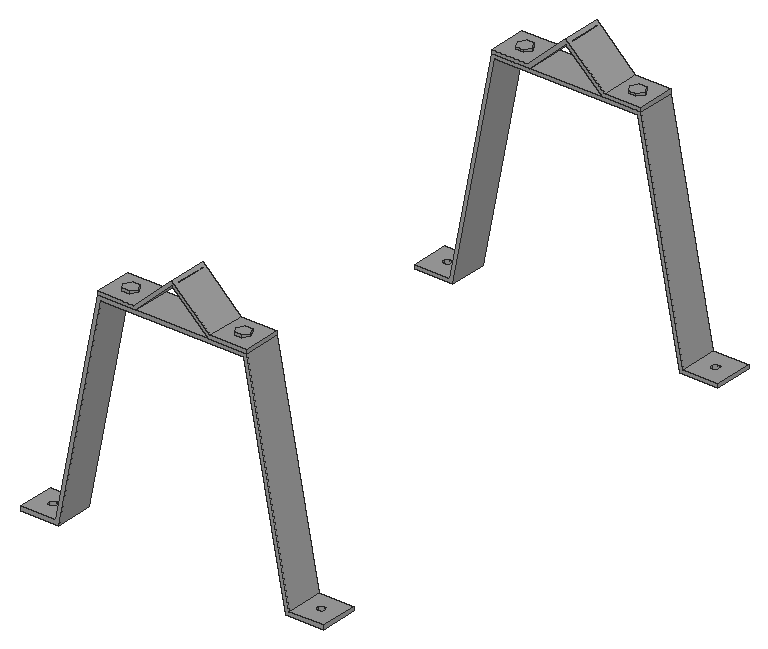
Revit family "Anclaje", category Equipos especializados, Revit 2017
Family settings
  Cota de conector redondo = Diámetro de uso
  Tipo de pieza = Normal
  Se basa en plano de trabajo = Sí
  Siempre vertical = Sí
  Corte con vacíos al cargar = No
  Compartido = Sí
  Punto de cálculo de habitación = No
Parameters
  URL = "https://at3w.com/"
  Referencia AT [instance] = "AT-023B"  # constant formula
  Peso (kg) [instance] = 6  # constant formula
  Modelo Anclaje [instance] = "Anclaje en U de 30 cm atornillado a la pared"  # constant formula
  Model = ""
  Material [instance] = Acero galvanizado
  Incluye [instance] = "2 soportes"  # constant formula
  Fabricante = "APLICACIONES TECNOLÓGICAS"  # constant formula
  Default Elevation = 1219.2 mm
  Dimensiones (mm) [instance] = "2 x (50 x 400 x 290)"  # constant formula
  Descripción = "Sistema de anclaje en U de 30 cm de longitud, fabricado en acero de 8 mm de espesor y galvanizado en caliente. Para fijación con tornillos en pared. (2 soportes) Ref. AT-023B"  # constant formula
  Código de montaje = "1.4"
Reference planes
  plane 1 "Centro (Frontal/Posterior)": y = 0
  plane 2: z = 0
  plane 3 "Centro (Izquierda/Derecha)": x = 0
  plane 4: x = -200
  plane 5: x = 200
  plane 6: z = 290
  plane 7: y = -50
  plane 8: y = -650
Forms (mm)
  Extrusion 1, solid, material "Acero galvanizado" <- "Material"
    sketch origin (0, 0, 0) x (1, 0, 0) y (0, 0, 1)
      loop
        line (-200, 0) -> (-149.482, 0) -> (-94.084, 285) -> (94.084, 285) -> (149.482, 0) -> (200, 0) -> (200, 5) -> (153.604, 5) -> (98.205, 290) -> (-98.205, 290) -> (-153.604, 5) -> (-200, 5) -> (-200, 0)
    from 0 to 50
  Extrusion 2, solid, material "Acero galvanizado" <- "Material"
    sketch origin (0, 0, 0) x (1, 0, 0) y (0, 0, 1)
      loop
        line (-98.205, 290) -> (-48.205, 290) -> (0, 335.314) -> (48.205, 290) -> (98.205, 290) -> (98.205, 295) -> (50.187, 295) -> (0, 342.176) -> (-50.187, 295) -> (-98.205, 295) -> (-98.205, 290)
    from 0 to 50
  Extrusion 3, void
    sketch origin (0, 0, 0) x (0, -1, 0) y (1, 0, 0)
      loop
        circle (25, -176.802) r 5
      loop
        circle (25, 176.802) r 5
    from -11.889 to 10.622
  Extrusion 4, solid, material "Acero galvanizado" <- "Material"
    sketch origin (0, 0, 184.223) x (0, -1, 0) y (1, 0, 0)
      loop
        line (25, 64.196) -> (33.66, 69.196) -> (33.66, 79.196) -> (25, 84.196) -> (16.34, 79.196) -> (16.34, 69.196) -> (25, 64.196)
      loop
        line (25, -64.196) -> (16.34, -69.196) -> (16.34, -79.196) -> (25, -84.196) -> (33.66, -79.196) -> (33.66, -69.196) -> (25, -64.196)
    from 113.8 to 110.777
  Extrusion 5, solid, material "Acero galvanizado" <- "Material"
    sketch origin (0, 0, 184.223) x (0, -1, 0) y (1, 0, 0)
      loop
        line (25, 64.196) -> (33.66, 69.196) -> (33.66, 79.196) -> (25, 84.196) -> (16.34, 79.196) -> (16.34, 69.196) -> (25, 64.196)
      loop
        circle (25, 74.196) r 5
      loop
        line (25, -84.196) -> (33.66, -79.196) -> (33.66, -69.196) -> (25, -64.196) -> (16.34, -69.196) -> (16.34, -79.196) -> (25, -84.196)
      loop
        circle (25, -74.196) r 5
    from 100.777 to 97.8
  Extrusion 6, solid, material "Acero galvanizado" <- "Material"
    sketch origin (0, 0, 184.223) x (0, -1, 0) y (1, 0, 0)
      loop
        circle (25, 74.196) r 5
      loop
        circle (25, -74.196) r 5
    from 100.777 to 90.8
  Extrusion 7, solid, material "Acero galvanizado" <- "Material"
    sketch origin (0, -650, 0) x (1, 0, 0) y (0, 0, 1)
      loop
        line (-200, 0) -> (-149.482, 0) -> (-94.084, 285) -> (94.084, 285) -> (149.482, 0) -> (200, 0) -> (200, 5) -> (153.604, 5) -> (98.205, 290) -> (-98.205, 290) -> (-153.604, 5) -> (-200, 5) -> (-200, 0)
    from 0 to 50
  Extrusion 8, solid, material "Acero galvanizado" <- "Material"
    sketch origin (0, -650, 0) x (1, 0, 0) y (0, 0, 1)
      loop
        line (-98.205, 290) -> (-48.205, 290) -> (0, 335.314) -> (48.205, 290) -> (98.205, 290) -> (98.205, 295) -> (50.187, 295) -> (0, 342.176) -> (-50.187, 295) -> (-98.205, 295) -> (-98.205, 290)
    from 0 to 50
  Extrusion 9, void
    sketch origin (0, -650, 0) x (0, -1, 0) y (1, 0, 0)
      loop
        circle (25, -176.802) r 5
      loop
        circle (25, 176.802) r 5
    from -11.889 to 10.622
  Extrusion 10, solid, material "Acero galvanizado" <- "Material"
    sketch origin (0, -650, 184.223) x (0, -1, 0) y (1, 0, 0)
      loop
        line (25, 64.196) -> (33.66, 69.196) -> (33.66, 79.196) -> (25, 84.196) -> (16.34, 79.196) -> (16.34, 69.196) -> (25, 64.196)
      loop
        line (25, -64.196) -> (16.34, -69.196) -> (16.34, -79.196) -> (25, -84.196) -> (33.66, -79.196) -> (33.66, -69.196) -> (25, -64.196)
    from 113.8 to 110.777
  Extrusion 11, solid, material "Acero galvanizado" <- "Material"
    sketch origin (0, -650, 184.223) x (0, -1, 0) y (1, 0, 0)
      loop
        line (25, 64.196) -> (33.66, 69.196) -> (33.66, 79.196) -> (25, 84.196) -> (16.34, 79.196) -> (16.34, 69.196) -> (25, 64.196)
      loop
        circle (25, 74.196) r 5
      loop
        line (25, -84.196) -> (33.66, -79.196) -> (33.66, -69.196) -> (25, -64.196) -> (16.34, -69.196) -> (16.34, -79.196) -> (25, -84.196)
      loop
        circle (25, -74.196) r 5
    from 97.8 to 100.777
  Extrusion 12, solid, material "Acero galvanizado" <- "Material"
    sketch origin (0, -650, 184.223) x (0, -1, 0) y (1, 0, 0)
      loop
        circle (25, 74.196) r 5
      loop
        circle (25, -74.196) r 5
    from 100.777 to 90.8
Cuts and joins
  Extrusion 3, Extrusion 9 cuts Extrusion 1
  Extrusion 9 cuts Extrusion 7
Dimensions and locks
  locked: plane 4 to plane 5 at 400
  plane 6 to level = 290 mm
  locked: plane 8 to plane 7 at 600
  aligned and locked: level to plane 2
  aligned and locked: Extrusion 2 sketch curve to Extrusion 1
  aligned and locked: Extrusion 4 to Extrusion 2
  aligned and locked: cut or joined group of Extrusion 1, Extrusion 3, Extrusion 9 to Extrusion 5
  aligned and locked: cut or joined group of Extrusion 1, Extrusion 3, Extrusion 9 to Extrusion 6
  aligned and locked: Extrusion 8 sketch curve to Extrusion 7
  aligned and locked: Extrusion 10 to Extrusion 8
  aligned and locked: Extrusion 12 to cut or joined group of Extrusion 7, Extrusion 9
  aligned and locked: Extrusion 11 to Extrusion 12
